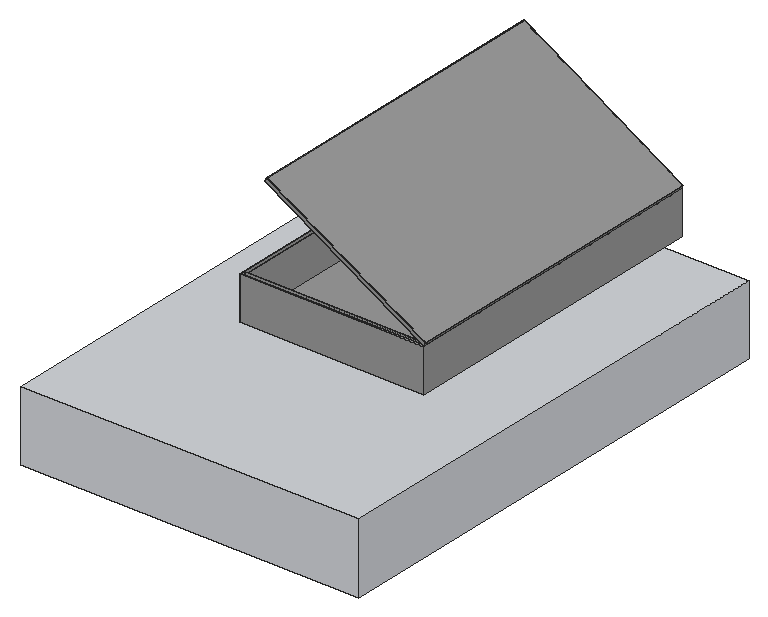
Revit family "Hager-Univers-IP54-D205-H1400-Cl.I-Encl-AT-de", category Equipement électrique, Revit 2020
Family settings
  Hôte = Face
  Configuration du panneau = Deux colonnes, circuits au sein
  Cote de connecteur circulaire = Utiliser le diamètre
  Type d'élément = Tableau de raccordement
  Couper avec des vides une fois chargée = Non
  Partagée = Non
  Point de calcul de pièce = Non
Parameters (values of type "Aufputz IP54 B800 H1400 T205  - FP93TW2")
  Width Control [instance] = if([EF000008 - Breite] > Min Width, [EF000008 - Breite], Min Width)  # 800 mm
  Commentaires du type = [HG000003 - Bereich]  # "Univers"
  Thickness Door [instance] = if([EF009171 - Materialstärke Tür/Deckel] > 3 mm, 3 mm, [EF009171 - Materialstärke Tür/Deckel])  # 1 mm
  Seal Frame Offset [instance] = 17 mm  # constant formula
  Plinth Visibility [instance] = [HG000027 - Sockelhöhe] > 0 mm  # no
  Model = ""
  Min Width [instance] = 100 mm  # constant formula
  Min Height [instance] = 100 mm  # constant formula
  Min Depth [instance] = (2 * [EF009170 - Materialstärke Gehäuse]) + 1 mm  # 3 mm
  Internal Frame Depth [instance] = (Door System Depth * 0.5)  # 9 mm
  Height Control [instance] = if([EF000040 - Höhe] > Min Height, [EF000040 - Höhe], Min Height)  # 1400 mm
  HG000027 - Sockelhöhe = 0 mm
  HG000026 - Stehend auf dem Boden = no
  HG000024 - Höhe des unteren Teils = 800 mm
  HG000023 - Gehäuse mit doppeltem Querschnitt = no
  HG000016 - 3D-Türsichtbarkeit [instance] = yes
  HG000015 - Sichtbarkeit der Türöffnung [instance] = no
  HG000014 - Tür rechts [instance] = yes
  HG000013 - Tür links [instance] = not([HG000014 - Tür rechts])  # no
  HG000012 - Türschwenkwinkel [instance] = 30.00°
  HG000010 - Asymmetrische Türen = no
  HG000009 - Doppelflügeligen Tür = no
  HG000006 - Unterputz = no
  HG000004 - Herstellerreferenz = "FP93TW2"
  HG000003 - Bereich = "Univers"
  HG000002 - Mit tür = yes
  Frame Offset Bottom [instance] = 10 mm  # constant formula
  Frame Offset [instance] = 15 mm  # constant formula
  EF015940 - Deckel mit Überdruckentlastung = no
  EF011959 - Schutzart (NEMA) = ""
  EF009554 - Anzahl der Öffnungen für Flanschplatten = 6
  Fabricant = "Hager"  # constant formula
  EF009212 - Ausführung Deckel = "EV000116 - geschlossen"
  EF009171 - Materialstärke Tür/Deckel = 1 mm
  EF009170 - Materialstärke Gehäuse = 1 mm
  EF008873 - Nennstrom (In) = 250 A
  EF007800 - Geeignet für Blitzschutz = no
  EF006306 - Mit Schloss = no
  EF006244 - Transparenter Deckel/Tür = no
  EF005474 - Schutzart (IP) = "EV006419 - IP54"
  EF004464 - Art der Tür = "EV002646 - Einzel"
  EF004427 - Anzahl der Module = 324
  EF004293 - Schlagfestigkeit = "EV006815 - IK09"
  EF003532 - Geeignet für Außengebrauch = no
  EF002950 - Breite in Teilungseinheiten = 36
  EF001613 - Funktionserhalt = "EV000494 - ohne"
  EF001596 - Werkstoff des Gehäuses = "EV000179 - Stahl"
  EF001131 - Innentiefe = 130 mm
  EF001088 - Anbaumöglichkeit = yes
  EF000437 - Anzahl der Leitungseinführungen = 6
  EF000339 - Art der Abdeckung = "EV001012 - Deckel"
  EF000266 - Anzahl der Reihen = 9
  EF000218 - Einbautiefe = 205 mm
  EF000118 - Mit Montageplatte = no
  EF000116 - RAL-Nummer = "9010"
  EF000049 - Tiefe = 205 mm
  EF000040 - Höhe = 1400 mm
  EF000008 - Breite = 800 mm
  EF000007 - Farbe = "EV000202 - weiß"
  EF000003 - Montageart = "EV000384 - Aufputz"
  Door System Leaf Tolerance [instance] = 1.5 mm  # constant formula
  Door System Depth [instance] = 18 mm  # constant formula
  Door Height [instance] = Height Control - [HG000027 - Sockelhöhe]  # 1400 mm
  Depth Control [instance] = if([EF000049 - Tiefe] > Min Depth, [EF000049 - Tiefe], Min Depth)  # 205 mm
  Default Elevation = 0 mm
  Connector Offset [instance] = Height Control / 2  # 700 mm
  Bottom Top Plate Trim [instance] = 1.5 mm  # constant formula
  Plinth height Ctrl [instance] = if([HG000027 - Sockelhöhe] > 0 mm, [HG000027 - Sockelhöhe], 12 mm)  # 12 mm
Types (4, lengths in mm): name | Width Control | HG000009 - Doppelflügeligen Tür | HG000004 - Herstellerreferenz | EF009554 - Anzahl der Öffnungen für Flanschplatten | EF004464 - Art der Tür | EF004427 - Anzahl der Module | EF002950 - Breite in Teilungseinheiten | EF000437 - Anzahl der Leitungseinführungen | EF000008 - Breite
  Aufputz IP54 B1050 H1400 T205  - FP94TW2 | 1050 | no | "FP94TW2" | 8 | "EV003602 - Doppel" | 432 | 48 | 8 | 1050
  Aufputz IP54 B1300 H1400 T205  - FP95TW2 | 1300 | yes | "FP95TW2" | 10 | "EV003602 - Doppel" | 540 | 60 | 10 | 1300
  Aufputz IP54 B300 H1400 T205  - FP91TW2 | 300 | no | "FP91TW2" | 2 | "EV002646 - Einzel" | 108 | 12 | 2 | 300
  Aufputz IP54 B800 H1400 T205  - FP93TW2 | 800 | no | "FP93TW2" | 6 | "EV002646 - Einzel" | 324 | 36 | 6 | 800
Reference planes
  plane 1 "Center (Front/Back)": y = 0
  plane 2: z = 0
  plane 3 "Center (Left/Right)": x = 0
  plane 4: z = 205
  plane 5: y = 1
  plane 6: y = 700
  plane 7: y = 0
  plane 8: y = 1400
  plane 9: z = 0
  plane 10: x = -385
  plane 11: x = 385
  plane 12: x = 384
  plane 13: x = -384
  plane 14: y = 1399
  plane 15: x = -383
  plane 16: x = -400
  plane 17: x = 383
  plane 18: x = 400
  plane 19: x = 399
  plane 20: x = -399
  plane 21: y = 11
  plane 22: y = 1400
  plane 23: y = 1384
  plane 24: z = 187
  plane 25: z = 1
  plane 26: z = 186
  plane 27: z = 204
Forms (mm)
  Extrusion 1, solid
    sketch origin (0, 0, 0) x (1, 0, 0) y (0, 1, 0)
      loop
        line (-702.964, 1305) -> (-702.964, -811.445) -> (766.763, -811.445) -> (766.763, 1305) -> (-702.964, 1305)
    from 0 to -304.8
  Extrusion 2, solid, material "Hager_Steel_RAL7035_Light_Grey", visible <- "Plinth Visibility", detail levels medium+fine
    sketch origin (0, 0, 0) x (1, 0, 0) y (0, 1, 0)
      loop
        line (-400, 0) -> (400, 0) -> (400, 12) -> (-400, 12) -> (-400, 0)
    from 0 to 187
  Extrusion 3, solid, material "Hager_Steel_RAL7035_Light_Grey", detail levels medium+fine
    sketch origin (0, 0, 0) x (1, 0, 0) y (0, 1, 0)
      loop
        line (-400, 0) -> (400, 0) -> (400, 1400) -> (-400, 1400) -> (-400, 0)
    from 0 to 187
  Extrusion 4, void
    sketch origin (0, 0, 0) x (1, 0, 0) y (0, 1, 0)
      loop
        line (-399, 1) -> (399, 1) -> (399, 1399) -> (-399, 1399) -> (-399, 1)
    from 1 to 186
  Extrusion 5, void
    sketch origin (-381.607, -4572, 187) x (0, -1, 0) y (-1, 0, 0)
      loop
        line (-4583, 2.393) -> (-5956, 2.393) -> (-5956, -765.607) -> (-4583, -765.607) -> (-4583, 2.393)
    from 0 to 1 <- "EF009170 - Materialstärke Gehäuse"
  Extrusion 6, solid, material "Hager_Steel_RAL7035_Light_Grey", detail levels fine
    sketch origin (0, 0, 187) x (1, 0, 0) y (0, 1, 0)
      loop
        line (-384, 1384) -> (-384, 11) -> (384, 11) -> (384, 1384) -> (-384, 1384)
      loop
        line (-385, 10) -> (385, 10) -> (385, 1385) -> (-385, 1385) -> (-385, 10)
    from 0 to 9 <- "Internal Frame Depth"
  Extrusion 7, solid, material "Hager_Steel_RAL7035_Light_Grey", detail levels coarse
    sketch origin (0, 0, 0) x (1, 0, 0) y (0, 1, 0)
      loop
        line (-400, 0) -> (400, 0) -> (400, 1400) -> (-400, 1400) -> (-400, 0)
    from 0 to 205
  Sweep 8, void
    path in 3D
      loop
        line (-400, 12, 0) -> (400, 12, 0) -> (400, 12, 187) -> (-400, 12, 187) -> (-400, 12, 0)
    profile origin (-400, 12, 93.5) x (-1, 0, 0) y (0, -1, 0)
      loop
        line (0, 0) -> (0, 1.5) -> (-1.5, 1.5)
        arc (-1.5, 1.5) -> (-1.061, 0.439) -> (0, 0) r 1.5
Cuts and joins
  Extrusion 4, Extrusion 5 cuts Extrusion 3
  Sweep 8 cuts Extrusion 2
Lines and regions (mm)
  Masking region 1
    outline origin (0, 0, 0) x (1, 0, 0) y (0, 0, 1)
      loop
        line (-400, 205) -> (-400, 0) -> (400, 0) -> (400, 205) -> (-400, 205)
  Masking region 2, detail levels medium+fine
    outline origin (0, 140, 0) x (0, 1, 0) y (0, 0, 1)
      loop
        line (-140, 0) -> (1260, 0) -> (1260, 187) -> (-140, 187) -> (-140, 0)
  Masking region 3, not visible, detail levels medium+fine
    outline origin (0, 297.922, 0) x (0, 1, 0) y (0, 0, 1)
      loop
        line (413.578, 0) -> (453.578, 0) -> (453.578, 194)
        arc (453.578, 194) -> (450.649, 201.071) -> (443.578, 204) r 10
        line (443.578, 204) -> (413.578, 204) -> (413.578, 0)
  Masking region 4, detail levels coarse
    outline origin (0, 0, 180) x (0, 1, 0) y (0, 0, 1)
      loop
        line (0, -180) -> (1400, -180) -> (1400, 25) -> (0, 25) -> (0, -180)
  Masking region 5, visible <- "Plinth Visibility", detail levels medium+fine
    outline origin (0, 52.24, 12.345) x (0, 0, -1) y (0, 1, 0)
      loop
        line (10.845, -40.24) -> (-173.155, -40.24)
        arc (-173.155, -40.24) -> (-173.594, -41.301) -> (-174.655, -41.74) r 1.5
        line (-174.655, -41.74) -> (-174.655, -52.24) -> (12.345, -52.24) -> (12.345, -41.74)
        arc (12.345, -41.74) -> (11.285, -41.301) -> (10.845, -40.24) r 1.5
  Masking region 6, detail levels medium+fine
    outline origin (-381.607, -4572, 187) x (-1, 0, 0) y (0, -1, 0)
      loop
        line (18.393, -5972) -> (18.393, -4572) -> (-781.607, -4572) -> (-781.607, -5972) -> (18.393, -5972)
  Masking region 7, visible <- "Plinth Visibility", detail levels medium+fine
    outline origin (-381.607, -4727, 187) x (-1, 0, 0) y (0, -1, 0)
      loop
        arc (16.893, -4739) -> (17.332, -4737.939) -> (18.393, -4737.5) r 1.5
        line (18.393, -4737.5) -> (18.393, -4727) -> (-781.607, -4727) -> (-781.607, -4737.5)
        arc (-781.607, -4737.5) -> (-780.546, -4737.939) -> (-780.107, -4739) r 1.5
        line (-780.107, -4739) -> (16.893, -4739)
  Masking region 8, detail levels coarse
    outline origin (-442.548, -4669.526, 187) x (-1, 0, 0) y (0, -1, 0)
      loop
        line (-42.548, -6069.526) -> (-42.548, -4669.526) -> (-842.548, -4669.526) -> (-842.548, -6069.526) -> (-42.548, -6069.526)
  sketch lines
    curve 1: line (-400, 12, 187) -> (-400, 12, 0)
    curve 2: line (400, 12, 187) -> (-400, 12, 187)
    curve 3: line (400, 12, 187) -> (400, 12, 0)
    curve 4: line (-400, 12, 0) -> (400, 12, 0)
Dimensions and locks
  "Depth Control": plane 4 to Extrusion 1
  "HG000027 - Sockelhöhe": plane 1 "Center (Front/Back)" to plane 7
  "EF009170 - Materialstärke Gehäuse": plane 5 to plane 7
  locked: connector elem to plane 3 "Center (Left/Right)"
  equal spacing: plane 8, plane 6, plane 7
  locked: connector elem to plane 6
  "EF009170 - Materialstärke Gehäuse": plane 8 to plane 14
  "EF009170 - Materialstärke Gehäuse": plane 10 to plane 13
  "EF009170 - Materialstärke Gehäuse": plane 12 to plane 11
  "Frame Offset": plane 20 to plane 13
  "Frame Offset": plane 12 to plane 19
  "EF009170 - Materialstärke Gehäuse": plane 16 to plane 20
  "EF009170 - Materialstärke Gehäuse": plane 19 to plane 18
  "Seal Frame Offset": plane 16 to plane 15
  "Seal Frame Offset": plane 17 to plane 18
  "Frame Offset Bottom": plane 21 to plane 5
  "Frame Offset": plane 14 to plane 23
  equal spacing: plane 16, plane 3 "Center (Left/Right)", plane 18
  "Width Control": plane 16 to plane 18
  "EF009170 - Materialstärke Gehäuse": plane 4 to plane 27
  "EF009170 - Materialstärke Gehäuse": plane 24 to plane 26
  "EF009170 - Materialstärke Gehäuse": plane 25 to level
  "Door System Depth": plane 4 to plane 24
  "Height Control": plane 1 "Center (Front/Back)" to Extrusion 7 sketch curve
  "Height Control": Masking region 4 sketch curve to plane 1 "Center (Front/Back)"
  "Height Control": plane 1 "Center (Front/Back)" to plane 22
  "Bottom Top Plate Trim": profile plane to Sweep 8 sketch curve
  "Bottom Top Plate Trim": Sweep 8 sketch curve to profile plane
  "Plinth height Ctrl": plane 1 "Center (Front/Back)" to Extrusion 2 sketch curve
  "Plinth height Ctrl": Masking region 5 sketch curve to plane 1 "Center (Front/Back)"
  "Plinth height Ctrl": plane 1 "Center (Front/Back)" to Masking region 7 sketch curve
  "Thickness Door": Extrusion 6 sketch curve to Extrusion 6 sketch curve  (x3)
  "Thickness Door": cut or joined group of Extrusion 3, Extrusion 4, Extrusion 5 to Extrusion 6 sketch curve
  radius of Masking region 3 sketch curve = 10 mm
  "Bottom Top Plate Trim": radius of Masking region 5 sketch curve  (x2)
  "Bottom Top Plate Trim": radius of Sweep 8 sketch curve
  "Bottom Top Plate Trim": radius of Masking region 7 sketch curve  (x2)
  aligned and locked: plane 2 to Extrusion 1
  aligned and locked: level to Extrusion 1
  aligned and locked: level to Masking region 1 sketch curve
  aligned and locked: Masking region 1 sketch curve to plane 18
  aligned and locked: Masking region 1 sketch curve to plane 16
  aligned and locked: plane 7 to Masking region 2 sketch curve
  aligned and locked: level to Masking region 3 sketch curve
  aligned and locked: Masking region 3 sketch curve to plane 27
  aligned and locked: level to Masking region 2 sketch curve
  aligned and locked: plane 1 "Center (Front/Back)" to Extrusion 2 sketch curve
  aligned and locked: Extrusion 3 sketch curve to plane 7
  aligned and locked: plane 16 to Extrusion 3 sketch curve
  aligned and locked: plane 18 to Extrusion 3 sketch curve
  aligned and locked: plane 20 to Extrusion 4 sketch curve
  aligned and locked: plane 19 to Extrusion 4 sketch curve
  aligned and locked: Extrusion 4 sketch curve to plane 5
  aligned and locked: Extrusion 4 to plane 25
  aligned and locked: plane 26 to Extrusion 4
  aligned and locked: plane 24 to Extrusion 3
  aligned and locked: Extrusion 5 sketch curve to plane 21
  aligned and locked: Extrusion 5 sketch curve to plane 13
  aligned and locked: Extrusion 5 sketch curve to plane 12
  aligned and locked: plane 18 to Extrusion 7 sketch curve
  aligned and locked: plane 1 "Center (Front/Back)" to Extrusion 7 sketch curve
  aligned and locked: plane 16 to Extrusion 7 sketch curve
  aligned and locked: plane 4 to Extrusion 7
  aligned and locked: Extrusion 7 to level
  aligned and locked: level to Masking region 4 sketch curve
  aligned and locked: Masking region 4 sketch curve to plane 1 "Center (Front/Back)"
  aligned and locked: Masking region 4 sketch curve to plane 4
  aligned and locked: nested 1 to level
  aligned and locked: nested 1 to plane 16
  aligned and locked: plane 8 to Extrusion 3 sketch curve
  aligned and locked: plane 23 to Extrusion 5 sketch curve
  aligned and locked: plane 14 to Extrusion 4 sketch curve
  aligned and locked: Masking region 2 sketch curve to plane 8
  aligned and locked: level to Masking region 5 sketch curve
  aligned and locked: plane 16 to Extrusion 2 sketch curve
  aligned and locked: plane 18 to Extrusion 2 sketch curve
  aligned and locked: Masking region 5 sketch curve to plane 24
  aligned and locked: Masking region 2 sketch curve to plane 24
  aligned and locked: plane 24 to Extrusion 2
  aligned and locked: profile plane to Sweep 8 sketch curve  (x2)
  aligned and locked: Masking region 6 sketch curve to plane 18
  aligned and locked: Masking region 6 sketch curve to plane 22
  aligned and locked: Masking region 6 sketch curve to plane 16
  aligned and locked: plane 8 to plane 22
  aligned and locked: Masking region 6 sketch curve to plane 7
  aligned and locked: Masking region 7 sketch curve to plane 16
  aligned and locked: Masking region 7 sketch curve to plane 1 "Center (Front/Back)"
  aligned and locked: Masking region 7 sketch curve to plane 18
  aligned and locked: Masking region 8 sketch curve to plane 1 "Center (Front/Back)"
  aligned and locked: Masking region 8 sketch curve to plane 18
  aligned and locked: Masking region 8 sketch curve to plane 22
  aligned and locked: Masking region 8 sketch curve to plane 16
  aligned and locked: nested 2 to plane 7
  aligned and locked: plane 3 "Center (Left/Right)" to nested 2
  aligned and locked: nested 2 to plane 24
  aligned and locked: Extrusion 6 sketch curve to cut or joined group of Extrusion 3, Extrusion 4, Extrusion 5  (x4)
Automatic sketch dimensions
  Extrusion 1 sketch curve to Extrusion 1 sketch curve = 1469.727 mm
  Extrusion 1 sketch curve to Extrusion 1 sketch curve = 2116.445 mm
  Masking region 1 sketch curve to plane 4 = 0 mm
  plane 6 to Masking region 3 sketch curve = 11.5 mm
  Masking region 3 sketch curve to Masking region 3 sketch curve = 30 mm
  Masking region 5 sketch curve to plane 1 "Center (Front/Back)" = 0 mm
Nested families
  nested 1: "Hager_Enclosure_Symbol" at (-400, 0, 0) x (1, 0, 0) z (0, -1, 0), Height <- "Depth Control", Width <- "Width Control", type "Hager_Enclosure_Symbol"
    with Width_Ctrl 800 mm, Width 800 mm, Height_Ctrl 205 mm, Height 205 mm, A_Width_Int 13.453 mm, A_Width 161.438 mm, A_Height_Ctrl 179.375 mm, A_Height 179.375 mm
  nested 2: "EC000058_Univers_Door" at (0, 0, 187) x (1, 0, 0) z (0, 1, 0), Leaf_Tolerance <- "Door System Leaf Tolerance", Angle <- "HG000012 - Türschwenkwinkel", Door_Depth <- "Door System Depth", Door_Left <- "HG000013 - Tür links", Transparent <- "EF006244 - Transparenter Deckel/Tür", Assymetrical <- "HG000010 - Asymmetrische Türen", Width <- "Width Control", Clearance <- "HG000015 - Sichtbarkeit der Türöffnung", Double <- "HG000009 - Doppelflügeligen Tür", 3d_Door <- "HG000016 - 3D-Türsichtbarkeit", Lock_Visibility <- "EF006306 - Mit Schloss", Width_Ctrl <- "Width Control", Door_Right <- "HG000014 - Tür rechts", Door <- "HG000002 - Mit tür", Height <- "Door Height", Thickness <- "Thickness Door", type "EC000058_Univers_Door", detail levels medium+fine
    with min_wh 3 mm, Width_Ctrl 800 mm, Width 800 mm, Transparent no, Thickness 1 mm, Seal_Material Hager_Rubber, Lock_Visibility no, Lock_Material Hager_Plastic_RAL9005_Jet_Black, Leaf_Width 800 mm, Leaf_Tolerance_External_Sides 0 mm, Leaf_Tolerance 1.5 mm, Leaf_Offset 0 mm, Leaf_Height 1397 mm, Leaf_2_Width 800 mm, Leaf_2_Offset 400 mm, Leaf_1_Width 800 mm, Leaf_1_Offset 400 mm, Height_Ctrl 1400 mm, Height 1400 mm, Glass_Material Hager_Glass, Double_Clearance_Ctrl no, Double no, Door_Right_Ctrl yes, Door_Right yes, Door_Material Hager_Steel_RAL7035_Light_Grey, Door_Left_Ctrl no, Door_Left no, Door_Depth 18 mm, Door yes, Clearance_Material Hager_Clearance, Clearance_Depth 800 mm, Clearance_Ctrl no, Clearance no, Assymetrical no, Angle 30.00°, 3d_Door yes
Connectors
  electrical at (0, 700, 0)
    settings: on plane 9, index 1, voltage 0 V, apparent load 0 VA, apparent load phase1 0 VA, apparent load phase2 0 VA, apparent load phase3 0 VA, power factor 1, load classification "Other", number of poles 1, system type 30, power factor state 1, is connector primary yes, connector utility no, sub classification motor no, connector description ""
Definition of nested family "EC000058_Univers_Door"
  Parameters (values of type "EC000058_Univers_Door")
    min_wh [instance] = (2 * Thickness) + 1 mm  # 11 mm
    Width_Ctrl [instance] = 400 mm
    Width [instance] = 500 mm
    Transparent [instance] = yes
    Thickness [instance] = 5 mm
    Seal_Material [instance] = none
    Lock_Visibility [instance] = yes
    Lock_Material [instance] = none
    Leaf_Width [instance] = if((Width_Ctrl - 2 * Leaf_Tolerance_External_Sides) > 0 mm, (Width_Ctrl - 2 * Leaf_Tolerance_External_Sides), min_wh)  # 400 mm
    Leaf_Tolerance_External_Sides [instance] = 0 mm  # constant formula
    Leaf_Tolerance [instance] = 1.5 mm
    Leaf_Offset [instance] = 0 mm  # constant formula
    Leaf_Height [instance] = if((Height_Ctrl - 2 * Leaf_Tolerance) > 0 mm, (Height_Ctrl - 2 * Leaf_Tolerance), min_wh)  # 497 mm
    Leaf_2_Width [instance] = if(and(and(Double, Assymetrical), Door_Left), (Leaf_Width / 3) - (Leaf_Tolerance / 2), if(and(and(Double, Assymetrical), Door_Right), (Leaf_Width / 3) * 2 - (Leaf_Tolerance / 2), if(and(Double, not(Assymetrical)), (Leaf_Width / 2) - Leaf_Tolerance, Leaf_Width)))  # 400 mm
    Leaf_2_Offset [instance] = if(and(Double, Assymetrical), Leaf_2_Width / 2, if(and(Double, not(Assymetrical)), Leaf_Width / 4, Leaf_Width / 2))  # 200 mm
    Leaf_1_Width [instance] = if(and(and(Double, Assymetrical), Door_Right), (Leaf_Width / 3) - (Leaf_Tolerance / 2), if(and(and(Double, Assymetrical), Door_Left), (Width / 3) * 2 - (Leaf_Tolerance / 2), if(and(Double, not(Assymetrical)), (Leaf_Width / 2) - Leaf_Tolerance, Leaf_Width)))  # 400 mm
    Leaf_1_Offset [instance] = if(and(Double, Assymetrical), Leaf_1_Width / 2, if(and(Double, not(Assymetrical)), Leaf_Width / 4, Leaf_Width / 2))  # 200 mm
    Height_Ctrl [instance] = if(Height > min_wh, Height, min_wh)  # 500 mm
    Height [instance] = 500 mm
    Glass_Material [instance] = none
    Double_Clearance_Ctrl [instance] = and(Double, Clearance)  # no
    Double [instance] = no
    Door_Right_Ctrl [instance] = and(or(Door_Right, Double), Door)  # yes
    Door_Right [instance] = yes
    Door_Material [instance] = none
    Door_Left_Ctrl [instance] = and(or(Door_Left, Double), Door)  # no
    Door_Left [instance] = no
    Door_Depth [instance] = 30 mm
    Door [instance] = yes
    Default Elevation = 1219.2 mm
    Clearance_Material [instance] = none
    Clearance_Depth [instance] = if(Leaf_1_Width > Leaf_2_Width, Leaf_1_Width, Leaf_2_Width)  # 400 mm
    Clearance_Ctrl [instance] = and(not(Double), Clearance)  # yes
    Clearance [instance] = yes
    Assymetrical [instance] = yes
    Angle [instance] = 30.00°
    3d_Door [instance] = yes
  Reference planes
    plane 1 "Center (Front/Back)": y = 0
    plane 2 "Bottom": z = 0
    plane 3 "Center (Left/Right)": x = 0
    plane 4: z = 500
    plane 5: x = -200
    plane 6: x = 200
    plane 7: z = 500
    plane 8: x = -200
    plane 9: z = 0
    plane 10: x = 200
    plane 11: y = 0
    plane 12: z = 1.5
    plane 13: x = -600
    plane 14: y = -400
    plane 15: x = 600
    plane 16: x = 0
    plane 17: x = 0
    plane 18: x = -200
    plane 19: x = 200
    plane 20: z = 498.5
  Forms (mm)
    Extrusion 1, solid, material <- "Clearance_Material", visible <- "Double_Clearance_Ctrl"
      sketch origin (1200, 0, 0) x (1, 0, 0) y (0, 0, -1)
        loop
          line (-1800, -498.5) -> (-600, -498.5) -> (-600, 0) -> (-1800, 0) -> (-1800, -498.5)
      from 0 to -400
  Dimensions and locks
    equal spacing: plane 5, plane 3 "Center (Left/Right)", plane 6
    "Width_Ctrl": plane 5 to plane 6
    "Leaf_Offset": plane 5 to plane 8
    "Leaf_Offset": plane 6 to plane 10
    "Leaf_Offset": plane 9 to level
    "Leaf_Offset": plane 4 to plane 7
    "Height_Ctrl": plane 4 to level
    "Leaf_Tolerance": plane 12 to plane 9
    locked: plane 11 to plane 1 "Center (Front/Back)"
    "Leaf_1_Offset": plane 18 to plane 16
    "Leaf_2_Offset": plane 17 to plane 19
    "Leaf_1_Width": plane 13 to plane 8
    "Leaf_2_Width": plane 10 to plane 15
    "Clearance_Depth": plane 14 to plane 1 "Center (Front/Back)"
    "Leaf_Tolerance_External_Sides": plane 8 to plane 18
    "Leaf_Tolerance_External_Sides": plane 19 to plane 10
    "Leaf_Tolerance": plane 7 to plane 20
    aligned and locked: level to plane 2 "Bottom"
    aligned and locked: nested 1 to plane 16
    aligned and locked: nested 2 to plane 17
    aligned and locked: Extrusion 1 to plane 13
    aligned and locked: plane 15 to Extrusion 1
    aligned and locked: Extrusion 1 to plane 14
    aligned and locked: plane 12 to nested 1
    aligned and locked: nested 2 to plane 12
    aligned and locked: Extrusion 1 to plane 11
    aligned and locked: plane 20 to Extrusion 1
    aligned and locked: nested 2 to plane 11
    aligned and locked: nested 1 to plane 11
  Automatic sketch dimensions
    Extrusion 1 sketch curve to level = 0 mm
    plane 5 to Extrusion 1 sketch curve = 400 mm
    plane 6 to Extrusion 1 sketch curve = 400 mm
    Extrusion 1 sketch curve to plane 4 = 1.5 mm
  Nested families
    nested 1: "EC000058_Univers_Door_Leaf" at (0, 0, 1.5), Width <- "Leaf_1_Width", visible <- "Door_Left_Ctrl", Leaf_Height <- "Leaf_Height", Angle <- "Angle", 3d_Door <- "3d_Door", Transparent <- "Transparent", Clearance Material <- "Clearance_Material", Clearance <- "Clearance_Ctrl", Door_Material <- "Door_Material", Glass_Material <- "Glass_Material", Door_Depth <- "Door_Depth", Lock_Material <- "Lock_Material", Seal_Material <- "Seal_Material", Lock_Visibility <- "Lock_Visibility", Thickness <- "Thickness", type "EC000058_Univers_Door_Leaf"
      with Width 400 mm, Transparent_Glass_Offset 30 mm, Transparent_Ctrl yes, Transparent yes, Thickness 5 mm, Standard no, Seal_Material none, Seal_D2 8 mm, Seal_D1 1 mm, Offset_Internal_Frame 10 mm, Lock_Width 20 mm, Lock_Visibility_3d yes, Lock_Visibility yes, Lock_Thickness_3 3 mm, Lock_Thickness_2 1 mm, Lock_Thickness_1 3 mm, Lock_Radius_Offset_2 16 mm, Lock_Radius_Offset_1 15 mm, Lock_Radius_2 5 mm, Lock_Radius 6 mm, Lock_Offset 5 mm, Lock_Material none, Lock_Height 80 mm, Lock_Cover_Top_Offset_2d 17 mm, Lock_Cover_Height -65 mm, Leaf_Height 497 mm, Internal_Seal_Thickness 8 mm, Internal_Seal_Depth_2 4.5 mm, Internal_Frame_Depth 25 mm, Glass_Thickness -1 mm, Glass_Offset -2 mm, Glass_Material none, Door_Material none, Door_Depth 30 mm, Clearance Material none, Clearance yes, Angle_Ctrl 30.00°, Angle 30.00°, 3d_Door yes
    nested 2: "EC000058_Univers_Door_Leaf" at (0, 0, 1.5) x (-1, 0, 0) z (0, 0, 1), Width <- "Leaf_2_Width", visible <- "Door_Right_Ctrl", Leaf_Height <- "Leaf_Height", Angle <- "Angle", 3d_Door <- "3d_Door", Transparent <- "Transparent", Clearance Material <- "Clearance_Material", Clearance <- "Clearance_Ctrl", Door_Material <- "Door_Material", Glass_Material <- "Glass_Material", Door_Depth <- "Door_Depth", Lock_Material <- "Lock_Material", Seal_Material <- "Seal_Material", Lock_Visibility <- "Lock_Visibility", Thickness <- "Thickness", type "EC000058_Univers_Door_Leaf"
      with Width 400 mm, Transparent_Glass_Offset 30 mm, Transparent_Ctrl yes, Transparent yes, Thickness 5 mm, Standard no, Seal_Material none, Seal_D2 8 mm, Seal_D1 1 mm, Offset_Internal_Frame 10 mm, Lock_Width 20 mm, Lock_Visibility_3d yes, Lock_Visibility yes, Lock_Thickness_3 3 mm, Lock_Thickness_2 1 mm, Lock_Thickness_1 3 mm, Lock_Radius_Offset_2 16 mm, Lock_Radius_Offset_1 15 mm, Lock_Radius_2 5 mm, Lock_Radius 6 mm, Lock_Offset 5 mm, Lock_Material none, Lock_Height 80 mm, Lock_Cover_Top_Offset_2d 17 mm, Lock_Cover_Height -65 mm, Leaf_Height 497 mm, Internal_Seal_Thickness 8 mm, Internal_Seal_Depth_2 4.5 mm, Internal_Frame_Depth 25 mm, Glass_Thickness -1 mm, Glass_Offset -2 mm, Glass_Material none, Door_Material none, Door_Depth 30 mm, Clearance Material none, Clearance yes, Angle_Ctrl 30.00°, Angle 30.00°, 3d_Door yes
  Definition of nested family "EC000058_Univers_Door_Leaf"
    Parameters (values of type "EC000058_Univers_Door_Leaf")
      Width [instance] = 2000 mm
      Transparent_Glass_Offset [instance] = 30 mm
      Transparent_Ctrl [instance] = and(Transparent, [3d_Door])  # yes
      Transparent [instance] = yes
      Thickness [instance] = 5 mm
      Standard [instance] = and(not(Transparent), [3d_Door])  # no
      Seal_Material [instance] = none
      Seal_D2 [instance] = 8 mm  # constant formula
      Seal_D1 [instance] = 1 mm  # constant formula
      Offset_Internal_Frame [instance] = 10 mm  # constant formula
      Lock_Width [instance] = 20 mm  # constant formula
      Lock_Visibility_3d [instance] = and(Lock_Visibility, [3d_Door])  # yes
      Lock_Visibility [instance] = yes
      Lock_Thickness_3 [instance] = 3 mm  # constant formula
      Lock_Thickness_2 [instance] = 1 mm  # constant formula
      Lock_Thickness_1 [instance] = 3 mm  # constant formula
      Lock_Radius_Offset_2 [instance] = Lock_Radius_Offset_1 + 1 mm  # 16 mm
      Lock_Radius_Offset_1 [instance] = 15 mm  # constant formula
      Lock_Radius_2 [instance] = Lock_Radius - 1 mm  # 5 mm
      Lock_Radius [instance] = 6 mm  # constant formula
      Lock_Offset [instance] = 5 mm  # constant formula
      Lock_Material [instance] = none
      Lock_Height [instance] = 80 mm  # constant formula
      Lock_Cover_Top_Offset_2d [instance] = Lock_Radius_Offset_2 + 1 mm  # 17 mm
      Lock_Cover_Height [instance] = -(Lock_Height - Lock_Radius_Offset_1)  # -65 mm
      Leaf_Height [instance] = 2720.336 mm
      Internal_Seal_Thickness [instance] = 8 mm  # constant formula
      Internal_Seal_Depth_2 [instance] = 4.5 mm  # constant formula
      Internal_Frame_Depth [instance] = if(Door_Depth - Thickness > 5 mm, Door_Depth - Thickness, 5 mm)  # 25 mm
      Glass_Thickness [instance] = if(Thickness > 15 mm, Glass_Offset + 10 mm, -1 mm)  # -1 mm
      Glass_Offset [instance] = if(Thickness > 15 mm, -(Thickness + 10 mm) / 2, -2 mm)  # -2 mm
      Glass_Material [instance] = none
      Door_Material [instance] = none
      Door_Depth [instance] = 30 mm
      Default Elevation = 0 mm
      Clearance Material [instance] = none
      Clearance [instance] = yes
      Angle_Ctrl [instance] = if(Angle > 180.00°, 180.00°, Angle)  # 90.00°
      Angle [instance] = 90.00°
      3d_Door [instance] = yes
    Reference planes
      plane 1 "Center (Front/Back)": y = 0
      plane 2: z = 0
      plane 3 "Center (Left/Right)": x = 0
      plane 4: y = 2000
      plane 5: x = -1000
      plane 6: x = 1000
      plane 7: x = -3000
      plane 8: z = 2720.336
      plane 9: z = 30
      plane 10: z = 2690.336
      plane 11: x = 970
      plane 12: x = -970
      plane 13: y = -3
      plane 14: z = 107.833
      plane 15: y = -5
      plane 16: y = -223.314
      plane 17: x = -1000
      plane 18: z = 1360.168
      plane 19: y = 30
    Forms (mm)
      Extrusion 1, solid, material <- "Clearance Material", visible <- "Clearance"
        sketch origin (0, 0, 0) x (1, 0, 0) y (0, 0, 1)
          loop
            line (-3000, 2720.336) -> (-3000, 0) -> (1000, 0) -> (1000, 2720.336) -> (-3000, 2720.336)
        from 0 to -2000
      Extrusion 2, solid, material <- "Door_Material", visible <- "Standard", detail levels medium+fine
        sketch origin (-1000, 0, 0) x (0, 1, 0) y (-1, 0, 0)
          loop
            line (0, 30) -> (0, 25) -> (2000, 25) -> (2000, 30) -> (0, 30)
        from 0 to 2720.336 <- "Leaf_Height"
      Extrusion 3, solid, material <- "Door_Material", visible <- "Transparent_Ctrl", detail levels medium+fine
        sketch origin (-1000, 0, 0) x (0, 1, 0) y (-1, 0, 0)
          loop
            line (0, 25) -> (2000, 25) -> (2000, 30) -> (0, 30) -> (0, 25)
        from 0 to 2720.336 <- "Leaf_Height"
      Extrusion 4, void
        sketch origin (-1025, 2000, 0) x (0, 1, 0) y (0, 0, -1)
          loop
            line (-30, -2690.336) -> (-30, -30) -> (-1970, -30) -> (-1970, -2690.336) -> (-30, -2690.336)
        from 0 to 5 <- "Thickness"
      Sweep 5, solid, material <- "Seal_Material", visible <- "Transparent_Ctrl", detail levels fine
        path in 3D
          loop
            line (-1025, 30, 30) -> (-1025, 30, 2690.336) -> (-1025, 1970, 2690.336) -> (-1025, 1970, 30) -> (-1025, 30, 30)
        profile origin (-1025, 1000, 30) x (1, 0, 0) y (0, 0, 1)
          loop
            line (0, 0) -> (0, -8) -> (1, -8) -> (1, 0) -> (0, 0)
      Extrusion 6, solid, material <- "Glass_Material", visible <- "Transparent_Ctrl", detail levels medium+fine
        sketch origin (-1030, 0, 0) x (0, 1, 0) y (0, 0, -1)
          loop
            line (1970, -2690.336) -> (1970, -30) -> (30, -30) -> (30, -2690.336) -> (1970, -2690.336)
        from -2 <- "Glass_Offset" to -1 <- "Glass_Thickness"
      Extrusion 7, solid, material <- "Door_Material", visible <- "3d_Door", detail levels medium+fine
        sketch origin (-1025, 2000, 0) x (0, -1, 0) y (0, 0, -1)
          loop
            line (0, -2720.336) -> (2000, -2720.336) -> (2000, 0) -> (0, 0) -> (0, -2720.336)
          loop
            line (1995, -5) -> (5, -5) -> (5, -2715.336) -> (1995, -2715.336) -> (1995, -5)
        from 0 to 25 <- "Internal_Frame_Depth"
      Sweep 8, solid, material <- "Seal_Material", visible <- "Transparent_Ctrl", detail levels fine
        path in 3D
          loop
            line (-1025, 0, 0) -> (-1025, 2000, 0) -> (-1025, 2000, 2720.336) -> (-1025, 0, 2720.336) -> (-1025, 0, 0)
        profile origin (-1025, 0, 1360.168) x (1, 0, 0) y (0, 1, 0)
          loop
            line (0, 10) -> (2.975, 10)
            arc (2.975, 10) -> (4.053, 10.447) -> (4.5, 11.525) r 1.525
            line (4.5, 11.525) -> (4.5, 16.527)
            arc (4.5, 16.527) -> (4.069, 17.569) -> (3.027, 18) r 1.473
            line (3.027, 18) -> (0, 18) -> (0, 10)
      Extrusion 9, solid, material <- "Lock_Material", visible <- "Lock_Visibility_3d", detail levels fine
        sketch origin (-1030, 0, 0) x (0, 1, 0) y (0, 0, -1)
          loop
            arc (1993.5, -1400.168) -> (1994.561, -1399.729) -> (1995, -1398.668) r 1.5
            line (1995, -1398.668) -> (1995, -1320.168) -> (1975, -1320.168) -> (1975, -1398.668)
            arc (1975, -1398.668) -> (1975.439, -1399.729) -> (1976.5, -1400.168) r 1.5
            line (1976.5, -1400.168) -> (1993.5, -1400.168)
        from 3 <- "Lock_Thickness_1" to 0
      Blend 10, solid, material <- "Lock_Material", visible <- "Lock_Visibility_3d", detail levels fine
        base sketch origin (-1033, 0, 0) x (0, 1, 0) y (0, 0, -1)
          loop
            line (1975, -1320.168) -> (1975, -1398.668)
            arc (1975, -1398.668) -> (1975.439, -1399.729) -> (1976.5, -1400.168) r 1.5
            line (1976.5, -1400.168) -> (1993.5, -1400.168)
            arc (1993.5, -1400.168) -> (1994.561, -1399.729) -> (1995, -1398.668) r 1.5
            line (1995, -1398.668) -> (1995, -1320.168) -> (1975, -1320.168)
        top sketch origin (-1033, 0, 0) x (0, 1, 0) y (0, 0, -1)
          loop
            line (1976, -1320.168) -> (1976, -1398.668)
            arc (1976, -1398.668) -> (1976.146, -1399.022) -> (1976.5, -1399.168) r 0.5
            line (1976.5, -1399.168) -> (1993.5, -1399.168)
            arc (1993.5, -1399.168) -> (1993.854, -1399.022) -> (1994, -1398.668) r 0.5
            line (1994, -1398.668) -> (1994, -1320.168) -> (1976, -1320.168)
        from 0 to 1 <- "Lock_Thickness_2"
      Blend 11, solid, material <- "Lock_Material", visible <- "Lock_Visibility_3d", detail levels fine
        base sketch origin (-1034, 0, 0) x (0, 1, 0) y (0, 0, -1)
          loop
            line (1978, -1320.168) -> (1978, -1384.168)
            arc (1978, -1384.168) -> (1985, -1391.168) -> (1992, -1384.168) r 7
            line (1992, -1384.168) -> (1992, -1320.168) -> (1978, -1320.168)
        top sketch origin (-1034, 0, 0) x (0, 1, 0) y (0, 0, -1)
          loop
            line (1991, -1320.168) -> (1979, -1320.168) -> (1979, -1383.168)
            arc (1979, -1383.168) -> (1985, -1389.168) -> (1991, -1383.168) r 6
            line (1991, -1383.168) -> (1991, -1320.168)
        from 0 to 3 <- "Lock_Thickness_3"
      Extrusion 12, solid, material <- "Lock_Material", visible <- "Lock_Visibility_3d", detail levels fine
        sketch origin (-1030, 1975, 1320.168) x (1, 0, 0) y (0, -1, 0)
          loop
            line (-7, -19) -> (-7, -1) -> (0, -1) -> (0, 0) -> (-8, 0) -> (-8, -20) -> (0, -20) -> (0, -19) -> (-7, -19)
        from 0 to -65 <- "Lock_Cover_Height"
      Extrusion 13, void
        sketch origin (-1038, 1995, 1320.168) x (-1, 0, 0) y (0, 0, -1)
          loop
            line (-5, -65) -> (0, -65) -> (-5, -60) -> (-5, -65)
        from 0 to 20 <- "Lock_Width"
      Extrusion 14, void
        sketch origin (-1038, 1975, 1320.168) x (0, -1, 0) y (0, 0, -1)
          loop
            circle (-10, -15.995) r 6
          loop
            circle (-10, -15.995) r 5
        from 0 to 2
      Extrusion 15, solid, material <- "Lock_Material", visible <- "Lock_Visibility_3d", detail levels medium
        sketch origin (-1030, 0, 0) x (0, 1, 0) y (0, 0, -1)
          loop
            arc (1993.5, -1400.168) -> (1994.561, -1399.729) -> (1995, -1398.668) r 1.5
            line (1995, -1398.668) -> (1995, -1320.168) -> (1975, -1320.168) -> (1975, -1398.668)
            arc (1975, -1398.668) -> (1975.439, -1399.729) -> (1976.5, -1400.168) r 1.5
            line (1976.5, -1400.168) -> (1993.5, -1400.168)
        from 8 to 0
    Cuts and joins
      Extrusion 4 cuts Extrusion 3
      Extrusion 13, Extrusion 14 cuts Extrusion 9
      Extrusion 14 cuts Blend 11
      Extrusion 13, Extrusion 14 cuts Extrusion 12
      joined: Extrusion 9, Blend 10, Blend 11, Extrusion 12
      Extrusion 14 cuts Extrusion 15
    Lines and regions (mm)
      Masking region 1, visible <- "Lock_Visibility", detail levels fine
        outline origin (0, 0, 0) x (0, 1, 0) y (0, 0, 1)
          loop
            line (30, 1320.168) -> (33, 1320.168) -> (33, 1400.168) -> (30, 1400.168) -> (30, 1320.168)
      Masking region 2, visible <- "Lock_Visibility", detail levels fine
        outline origin (0, 3.143, 0) x (0, 1, 0) y (0, 0, 1)
          loop
            line (29.857, 1354.168) -> (30.857, 1354.168) -> (30.857, 1366.168) -> (29.857, 1366.168) -> (29.857, 1354.168)
      Masking region 3, detail levels medium+fine
        outline origin (0, 0, 0) x (0, 1, 0) y (0, 0, 1)
          loop
            line (0, 0) -> (30, 0) -> (30, 2720.336) -> (0, 2720.336) -> (0, 0)
      Masking region 4, detail levels medium+fine
        outline origin (0, 0, 0) x (1, 0, 0) y (0, 0, 1)
          loop
            line (-1000, 2720.336) -> (-1000, 0) -> (1000, 0) -> (1000, 2720.336) -> (-1000, 2720.336)
      Masking region 5, visible <- "Lock_Visibility", detail levels fine
        outline origin (-47.116, 0, 0) x (1, 0, 0) y (0, 0, 1)
          loop
            arc (1024.616, 1399.168) -> (1023.556, 1398.729) -> (1023.116, 1397.668) r 1.5
            line (1023.116, 1397.668) -> (1023.116, 1320.168) -> (1041.116, 1320.168) -> (1041.116, 1397.668)
            arc (1041.116, 1397.668) -> (1040.677, 1398.729) -> (1039.616, 1399.168) r 1.5
            line (1039.616, 1399.168) -> (1024.616, 1399.168)
      Masking region 6, visible <- "Lock_Visibility", detail levels medium+fine
        outline origin (-25, 0, 0) x (1, 0, 0) y (0, 0, 1)
          loop
            arc (1001.5, 1400.168) -> (1000.439, 1399.729) -> (1000, 1398.668) r 1.5
            line (1000, 1398.668) -> (1000, 1320.168) -> (1020, 1320.168) -> (1020, 1398.668)
            arc (1020, 1398.668) -> (1019.561, 1399.729) -> (1018.5, 1400.168) r 1.5
            line (1018.5, 1400.168) -> (1001.5, 1400.168)
      Masking region 7, visible <- "Lock_Visibility", detail levels fine
        outline origin (-73.735, 0, 0) x (1, 0, 0) y (0, 0, 1)
          loop
            line (1051.735, 1382.168) -> (1065.735, 1382.168) -> (1065.735, 1384.168)
            arc (1065.735, 1384.168) -> (1058.735, 1391.168) -> (1051.735, 1384.168) r 7
            line (1051.735, 1384.168) -> (1051.735, 1382.168)
      Masking region 8, visible <- "Lock_Visibility", detail levels fine
        outline origin (-73.735, 0, 0) x (1, 0, 0) y (0, 0, 1)
          loop
            line (1052.735, 1382.168) -> (1064.735, 1382.168) -> (1064.735, 1383.168)
            arc (1064.735, 1383.168) -> (1058.735, 1389.168) -> (1052.735, 1383.168) r 6
            line (1052.735, 1383.168) -> (1052.735, 1382.168)
      Masking region 9, visible <- "Lock_Visibility", detail levels fine
        outline origin (-25, 0, 0) x (1, 0, 0) y (0, 0, 1)
          loop
            line (1020, 1320.168) -> (1020, 1382.168) -> (1000, 1382.168) -> (1000, 1320.168) -> (1020, 1320.168)
      Masking region 10, detail levels medium+fine
        outline origin (0, 0, 0) x (1, 0, 0) y (0, 0, 1)
          loop
            circle (985, 1335.144) r 6
      Masking region 11, detail levels fine
        outline origin (0, 0, 0) x (1, 0, 0) y (0, 0, 1)
          loop
            circle (985, 1335.144) r 5
      Masking region 12, visible <- "Lock_Visibility", detail levels fine
        outline origin (0, 12.767, 0) x (0, 1, 0) y (0, 0, 1)
          loop
            line (20.233, 1320.168) -> (21.233, 1320.168) -> (21.233, 1399.168) -> (20.233, 1400.168) -> (20.233, 1320.168)
      Masking region 13, visible <- "Lock_Visibility", detail levels fine
        outline origin (0, 13.767, -10) x (0, 1, 0) y (0, 0, 1)
          loop
            line (20.233, 1330.168) -> (23.233, 1330.168) -> (23.233, 1399.168) -> (20.233, 1402.168) -> (20.233, 1330.168)
      Masking region 14, visible <- "Lock_Visibility", detail levels fine
        outline origin (0, 12.767, -10) x (0, 1, 0) y (0, 0, 1)
          loop
            line (20.233, 1330.168) -> (25.233, 1330.168) -> (25.233, 1399.305) -> (20.233, 1394.305) -> (20.233, 1330.168)
      Masking region 15, visible <- "Lock_Visibility", detail levels medium
        outline origin (0, 0, 0) x (0, 1, 0) y (0, 0, 1)
          loop
            line (30, 1320.168) -> (38, 1320.168) -> (38, 1400.168) -> (30, 1400.168) -> (30, 1320.168)
      Masking region 16, visible <- "Lock_Visibility", detail levels fine
        outline origin (-1000, 0, 0) x (0, 1, 0) y (-1, 0, 0)
          loop
            line (1975, 30) -> (1995, 30) -> (1995, 38) -> (1975, 38) -> (1975, 30)
          loop
            line (1979, 37) -> (1976, 37) -> (1976, 34) -> (1978, 34) -> (1979, 37)
          loop
            line (1994, 37) -> (1991, 37) -> (1992, 34) -> (1994, 34) -> (1994, 37)
      Masking region 17, visible <- "Lock_Visibility", detail levels medium
        outline origin (-1000, 0, 0) x (0, 1, 0) y (-1, 0, 0)
          loop
            line (1975, 30) -> (1995, 30) -> (1995, 38) -> (1975, 38) -> (1975, 30)
      symbolic lines
        curve 1: line (1000, 0, 0) -> (-3000, 0, 0)
        curve 2: arc (1000, 0, 0) -> (-1000, 2000, 0) -> (-3000, 0, 0) r 2000
        curve 4: line (-1030, 0, 0) -> (-1030, 2000, 0)
      reference lines
        curve 3: line (-1000, 0, 0) -> (-1000, 2000, 0)
      symbolic lines, detail levels medium+fine
        curve 5: line (-1030, 2000, 0) -> (-1025, 2000, 0)
        curve 7: line (-1025, 0, 0) -> (-1030, 0, 0)
        curve 8: line (-1025, 0, 0) -> (-1000, 0, 0)
        curve 9: line (-1000, 0, 0) -> (-1000, 2000, 0)
        curve 10: line (-1000, 2000, 0) -> (-1025, 2000, 0)
      symbolic lines, detail levels fine
        curve 6: line (-1025, 2000, 0) -> (-1025, 0, 0)
      sketch lines
        curve 11: line (-1025, 0, 2720.336) -> (-1025, 0, 0)
        curve 12: line (-1025, 2000, 0) -> (-1025, 0, 0)
        curve 13: line (-1025, 2000, 2720.336) -> (-1025, 2000, 0)
        curve 14: line (-1025, 0, 2720.336) -> (-1025, 2000, 2720.336)
        curve 15: line (-1025, 1970, 30) -> (-1025, 30, 30)
        curve 16: line (-1025, 30, 30) -> (-1025, 30, 2690.336)
        curve 17: line (-1025, 1970, 2690.336) -> (-1025, 1970, 30)
        curve 18: line (-1025, 30, 2690.336) -> (-1025, 1970, 2690.336)
      symbolic lines, visible <- "Transparent", detail levels medium+fine
        curve 19: line (-970, 0, 2690.336) -> (970, 0, 2690.336)
        curve 20: line (-970, 0, 30) -> (-970, 0, 2690.336)
        curve 21: line (970, 0, 30) -> (-970, 0, 30)
        curve 22: line (970, 0, 2690.336) -> (970, 0, 30)
    Dimensions and locks
      "Width": plane 1 "Center (Front/Back)" to plane 4
      equal spacing: plane 5, plane 3 "Center (Left/Right)", plane 6
      "Width": plane 5 to plane 6
      "Width": plane 7 to plane 5
      "Leaf_Height": plane 8 to level
      "Width": curve 5 to curve 3
      "Width": curve 3 to curve 3
      plane 8 to plane 10 = 30 mm
      plane 9 to level = 30 mm
      plane 12 to plane 5 = 30 mm
      plane 6 to plane 11 = 30 mm
      Extrusion 1 to Extrusion 4 sketch curve = 30 mm
      "Transparent_Glass_Offset": curve 3 to Extrusion 4 sketch curve
      "Transparent_Glass_Offset": Extrusion 4 sketch curve to cut or joined group of Extrusion 3, Extrusion 4  (x2)
      cut or joined group of Extrusion 3, Extrusion 4 to Extrusion 6 sketch curve = 30 mm
      "Transparent_Glass_Offset": cut or joined group of Extrusion 3, Extrusion 4 to Extrusion 4 sketch curve
      "Thickness": curve 6 to curve 4
      "Thickness": Extrusion 7 sketch curve to Extrusion 7 sketch curve  (x4)
      "Door_Depth": curve 4 to curve 3
      "Offset_Internal_Frame": profile plane to Sweep 8 sketch curve
      "Internal_Seal_Thickness": Sweep 8 sketch curve to Sweep 8 sketch curve
      "Internal_Seal_Depth_2": profile plane to Sweep 8 sketch curve
      "Seal_D1": profile plane to Sweep 5 sketch curve
      "Seal_D2": profile plane to Sweep 5 sketch curve
      "Thickness": Extrusion 2 sketch curve to Extrusion 2 sketch curve
      equal spacing: Extrusion 9 sketch curve, plane 18, Extrusion 9 sketch curve  (x2)
      equal spacing: Masking region 1 sketch curve, plane 18, Masking region 1 sketch curve
      "Lock_Height": Masking region 1 sketch curve to Masking region 1 sketch curve
      "Lock_Radius": Masking region 2 sketch curve to plane 18 to Masking region 2 sketch curve
      Masking region 2 sketch curve to Masking region 1 = 1 mm
      "Door_Depth": plane 19 to plane 1 "Center (Front/Back)"
      "Lock_Thickness_1": Masking region 1 sketch curve to plane 19
      "Lock_Width": Extrusion 9 sketch curve to Extrusion 9 sketch curve
      "Lock_Height": Extrusion 9 sketch curve to Extrusion 9 sketch curve
      "Lock_Offset": cut or joined group of Extrusion 3, Extrusion 4 to Extrusion 9 sketch curve
      equal spacing: plane 8, plane 18, level
      "Lock_Radius_Offset_1": Blend 11 sketch curve to Blend 10
      locked: Blend 10 to Blend 11 sketch curve at 2  (x2)
      locked: var sketch to Blend 11 sketch curve at 1  (x2)
      "Lock_Radius_Offset_2": Blend 11 sketch curve to Blend 10
      locked: Extrusion 12 sketch curve to Extrusion 12 sketch curve at 1  (x3)
      Masking region 6 sketch curve to Masking region 6 sketch curve = 80 mm
      "Lock_Height": Masking region 6 sketch curve to Masking region 6 sketch curve
      "Lock_Width": Masking region 6 sketch curve to Masking region 6 sketch curve
      locked: Masking region 6 to Masking region 5 sketch curve at 1  (x3)
      locked: Masking region 5 to Masking region 7 sketch curve at 2  (x2)
      "Lock_Radius_Offset_1": Masking region 5 to Masking region 7 sketch curve
      "Lock_Radius_Offset_2": Masking region 5 to Masking region 8 sketch curve
      locked: Masking region 7 to Masking region 8 sketch curve at 1  (x2)
      "Lock_Cover_Top_Offset_2d": Masking region 5 to Masking region 9 sketch curve
      equal spacing: Masking region 9, Masking region 10 sketch curve, Masking region 9
      equal spacing: Masking region 9, Masking region 11 sketch curve, Masking region 9
      Extrusion 15 sketch curve to Extrusion 15 sketch curve = 80 mm
      "Lock_Width": Extrusion 15 sketch curve to Extrusion 15 sketch curve
      "Lock_Height": Extrusion 15 sketch curve to Extrusion 15 sketch curve
      equal spacing: Extrusion 15 sketch curve, plane 18, Extrusion 15 sketch curve
      "Lock_Thickness_3": Masking region 13 sketch curve to Masking region 13 sketch curve
      "Lock_Height": Masking region 12 sketch curve to Masking region 12 sketch curve
      locked: Masking region 13 sketch curve to Masking region 1 at 8
      locked: Masking region 14 sketch curve to Masking region 13 at 1
      locked: Masking region 14 sketch curve to Masking region 1 at 10.863
      "Lock_Height": Masking region 15 sketch curve to Masking region 15 sketch curve
      "Lock_Offset": Extrusion 15 sketch curve to cut or joined group of Extrusion 3, Extrusion 4
      "Lock_Offset": plane 6 to Masking region 6 sketch curve
      radius of Sweep 8 sketch curve = 1.525 mm
      radius of Sweep 8 sketch curve = 1.473 mm
      radius of Extrusion 9 sketch curve = 1.5 mm  (x2)
      "Lock_Radius": radius of Extrusion 14 sketch curve
      "Lock_Radius_2": radius of Extrusion 14 sketch curve
      "Lock_Radius": radius of Masking region 10 sketch curve
      "Lock_Radius_2": radius of Masking region 11 sketch curve
      radius of Extrusion 15 sketch curve = 1.5 mm  (x2)
      "Angle_Ctrl": angle plane 1 "Center (Front/Back)" to curve 3
      locked: Masking region 12 sketch curve to Masking region 12 sketch curve (angle 45.00°)
      locked: Masking region 13 sketch curve to Masking region 13 sketch curve (angle 45.00°)
      locked: Masking region 14 sketch curve to Masking region 14 sketch curve (angle 45.00°)
      aligned and locked: level to plane 2
      aligned and locked: Extrusion 1 to curve 1
      aligned and locked: plane 6 to Extrusion 1
      aligned and locked: Extrusion 1 to plane 1 "Center (Front/Back)"
      aligned and locked: plane 4 to Extrusion 1
      aligned and locked: plane 8 to Extrusion 1
      aligned and locked: curve 7 to Extrusion 2 sketch curve
      aligned and locked: curve 5 to Extrusion 2 sketch curve
      aligned and locked: curve 7 to Extrusion 3 sketch curve
      aligned and locked: Extrusion 3 sketch curve to curve 4
      aligned and locked: Extrusion 3 sketch curve to curve 6
      aligned and locked: Extrusion 3 sketch curve to curve 5
      aligned and locked: curve 9 to curve 3
      aligned and locked: Extrusion 7 sketch curve to cut or joined group of Extrusion 3, Extrusion 4  (x4)
      aligned and locked: plane 17 to curve 3
      aligned and locked: plane 1 "Center (Front/Back)" to curve 3
      aligned and locked: plane 17 to plane 5
      aligned and locked: Sweep 8 sketch curve to profile plane
      aligned and locked: Sweep 5 sketch curve to profile plane  (x2)
      aligned and locked: Masking region 1 to Masking region 2 sketch curve
      aligned and locked: plane 19 to Masking region 1 sketch curve
      aligned and locked: plane 1 "Center (Front/Back)" to Masking region 3 sketch curve
      aligned and locked: plane 19 to Masking region 3 sketch curve
      aligned and locked: level to Masking region 3 sketch curve
      aligned and locked: Masking region 3 sketch curve to plane 8
      aligned and locked: plane 17 to Masking region 4 sketch curve
      aligned and locked: level to Masking region 4 sketch curve
      aligned and locked: Masking region 4 sketch curve to plane 8
      aligned and locked: plane 12 to curve 20
      aligned and locked: plane 10 to curve 19
      aligned and locked: plane 11 to curve 22
      aligned and locked: curve 21 to plane 9
      aligned and locked: Extrusion 2 sketch curve to cut or joined group of Extrusion 3, Extrusion 4
      aligned and locked: Blend 10 sketch curve to Extrusion 9  (x4)
      aligned and locked: Extrusion 9 to Blend 10 sketch curve
      aligned and locked: Blend 10 to Blend 11 sketch curve
      aligned and locked: Extrusion 12 sketch curve to Blend 11
      aligned and locked: Extrusion 12 sketch curve to Extrusion 9  (x4)
      aligned and locked: Masking region 5 sketch curve to Masking region 6
      aligned and locked: Masking region 9 sketch curve to Masking region 6  (x3)
      aligned and locked: Masking region 12 sketch curve to Masking region 1
      aligned and locked: Masking region 13 sketch curve to Masking region 1
      aligned and locked: Masking region 12 to Masking region 14
      aligned and locked: Masking region 14 sketch curve to Masking region 1
      aligned and locked: Masking region 15 sketch curve to Masking region 14
      aligned and locked: Masking region 13 sketch curve to Masking region 12
      aligned and locked: Masking region 16 sketch curve to cut or joined group of Extrusion 14, Extrusion 15  (x4)
      aligned and locked: Masking region 16 sketch curve to cut or joined group of Extrusion 9, Blend 10, Blend 11, Extrusion 12, Extrusion 13, Extrusion 14  (x6)
      aligned and locked: cut or joined group of Extrusion 9, Blend 10, Blend 11, Extrusion 12, Extrusion 13, Extrusion 14 to Masking region 16 sketch curve
      aligned and locked: Masking region 17 sketch curve to cut or joined group of Extrusion 14, Extrusion 15  (x3)
      aligned and locked: Masking region 17 sketch curve to cut or joined group of Extrusion 9, Blend 10, Blend 11, Extrusion 12, Extrusion 13, Extrusion 14
      aligned and locked: Masking region 9 to Masking region 8 sketch curve
      aligned and locked: Masking region 9 to Masking region 7 sketch curve
    Automatic sketch dimensions
      plane 1 "Center (Front/Back)" to curve 2 = 0 mm
      curve 2 to plane 5 = 0 mm
      Extrusion 1 sketch curve to level = 0 mm
      Extrusion 1 sketch curve to plane 7 = 0 mm
      Extrusion 1 sketch curve to plane 6 = 0 mm
      Extrusion 1 sketch curve to plane 8 = 0 mm
      Extrusion 3 to Extrusion 6 sketch curve = 30 mm  (x4)
      Masking region 4 sketch curve to plane 6 = 0 mm
      Blend 10 sketch curve to Extrusion 9 = 1.5 mm
      Blend 10 sketch curve to Extrusion 9 = 1 mm
      Extrusion 13 sketch curve to Extrusion 12 = 0 mm  (x2)
      Extrusion 12 to Extrusion 13 sketch curve = 3 mm
      Extrusion 13 sketch curve to Extrusion 12 = 5 mm
      Extrusion 14 sketch curve to Extrusion 14 sketch curve = 0 mm  (x2)
      Extrusion 14 sketch curve to Extrusion 12 = 10 mm
      Extrusion 14 sketch curve to Extrusion 12 = 15.995 mm
      Masking region 5 sketch curve to Masking region 5 sketch curve = 1.5 mm  (x2)
      Masking region 10 sketch curve to plane 18 = 25.024 mm
      Masking region 11 sketch curve to plane 18 = 25.024 mm
      plane 19 to Masking region 14 sketch curve = 3 mm
      Masking region 16 sketch curve to Masking region 16 sketch curve = 3 mm
      curve 4 to curve 3 = 0 mm
      Blend 10 to Blend 11 sketch curve = 0 mm
      Masking region 6 sketch curve to Masking region 6 sketch curve = 1.5 mm  (x2)
      Masking region 6 sketch curve to plane 18 = 40 mm
      plane 19 to Masking region 12 sketch curve = 3 mm
      Masking region 12 sketch curve to Masking region 12 sketch curve = 1 mm
      Masking region 15 sketch curve to plane 19 = 0 mm
      Masking region 15 sketch curve to plane 18 = 40 mm
      radius of Blend 10 sketch curve to Extrusion 9 = 1 mm
Definition of nested family "Hager_Enclosure_Symbol"
  Parameters (values of type "Hager_Enclosure_Symbol")
    Width_Ctrl [instance] = if(Width > 1 mm, Width, 1 mm)  # 102.27 mm
    Width [instance] = 102.27 mm
    Height_Ctrl [instance] = if(Height > 1 mm, Height, 1 mm)  # 66.5 mm
    A_Width_Int [instance] = if(A_Width / 12 > 2 mm, A_Width / 12, 2 mm)  # 4.364 mm
    A_Width [instance] = if(A_Height_Ctrl * 0.9 > 2 mm, A_Height_Ctrl * 0.9, 2 mm)  # 52.369 mm
    A_Height_Ctrl [instance] = if(A_Height > 2 mm, A_Height, 2 mm)  # 58.188 mm
    Height [instance] = 66.5 mm
    A_Height [instance] = Height - (Height / 8)  # 58.188 mm
  Reference planes
    plane 1 "Centre (avant/arrière)": y = 0
    plane 2: z = 0
    plane 3 "Centre (gauche/droite)": x = 0
    plane 4: x = 52.369
    plane 5: y = 33.042
    plane 6: y = 41.77
    plane 7: y = 66.5
    plane 8: x = 26.184
    plane 9: y = 37.406
    plane 10: x = 102.27
    plane 11: y = 66.5
    plane 12: y = 8.313
  Lines and regions (mm)
    Filled region 1, type "Solid_Black", in view "Niveau de réf."
      outline origin (0, 0, 0) x (1, 0, 0) y (0, 1, 0)
        loop
          line (52.369, 66.5) -> (33.188, 54.536) -> (45.365, 45.006) -> (52.369, 66.5)
    Filled region 2, type "Solid_Black", in view "Niveau de réf."
      outline origin (0, 0, 0) x (1, 0, 0) y (0, 1, 0)
        loop
          line (0, 0) -> (102.27, 0) -> (102.27, 66.5) -> (0, 0)
    detail lines, in view "Niveau de réf."
      curve 1: line (0, 8.313, 0) -> (26.184, 41.77, 0)
      curve 2: line (26.184, 41.77, 0) -> (26.184, 33.042, 0)
      curve 3: line (26.184, 33.042, 0) -> (52.369, 66.5, 0)
  Dimensions and locks
    "A_Width": plane 3 "Centre (gauche/droite)" to plane 4
    equal spacing: plane 3 "Centre (gauche/droite)", plane 8, plane 4
    equal spacing: plane 6, plane 9, plane 5
    equal spacing: curve 3, Filled region 1 sketch curve, Filled region 1 sketch curve
    "Height_Ctrl": plane 1 "Centre (avant/arrière)" to plane 11
    "A_Height_Ctrl": plane 11 to plane 12
    equal spacing: plane 11, plane 9, plane 12
    "A_Width_Int": plane 6 to plane 9
    "Width_Ctrl": plane 3 "Centre (gauche/droite)" to plane 10
    angle Filled region 1 sketch curve to curve 3 = 20.00°
    angle curve 3 to Filled region 1 sketch curve = 20.00°
    locked: curve 3 to Filled region 1 sketch curve (angle 90.00°)
    aligned and locked: plane 10 to Filled region 2
    aligned and locked: plane 11 to Filled region 2 sketch curve
    aligned and locked: plane 10 to Filled region 2 sketch curve
    aligned and locked: plane 3 "Centre (gauche/droite)" to curve 1
    aligned and locked: plane 12 to curve 1
    aligned and locked: plane 7 to plane 11
  Automatic sketch dimensions
    Filled region 1 sketch curve to plane 4 = 0 mm
    Filled region 1 sketch curve to plane 7 = 0 mm
    plane 1 "Centre (avant/arrière)" to Filled region 2 sketch curve = 0 mm
    Filled region 2 sketch curve to plane 3 "Centre (gauche/droite)" = 0 mm
    curve 2 to plane 6 = 0 mm
    curve 2 to plane 8 = 0 mm
    curve 3 to plane 4 = 0 mm
    curve 2 to plane 5 = 0 mm
    curve 3 to plane 7 = 0 mm
